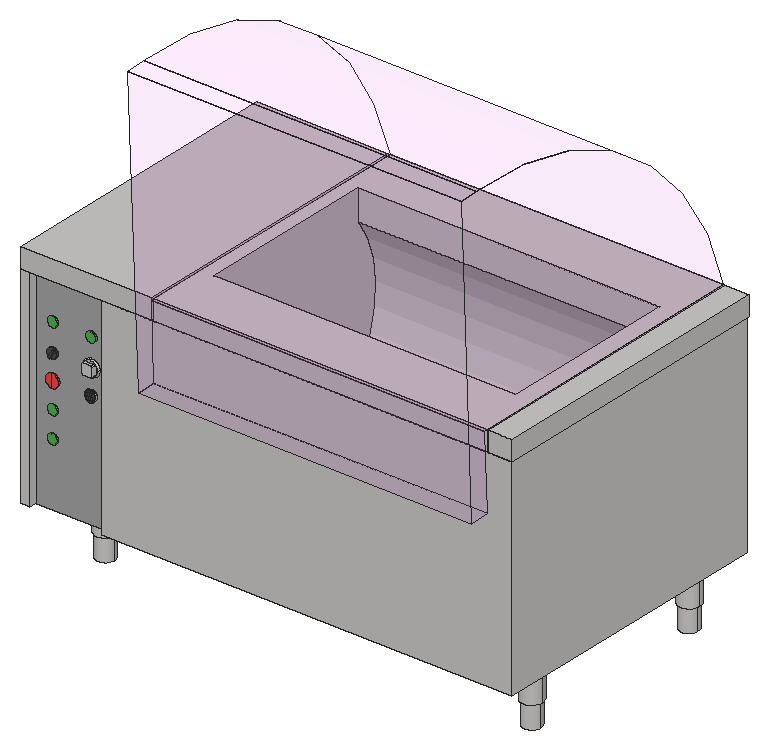
Revit family "QF_ELECTROLUXPROFESSIONAL_660034_LV300R", category Attrezzature speciali, Revit 2020
Family settings
  Quota connettore circolare = Usa diametro
  Tipo di parte = Normale
  Basato su piano di lavoro = No
  Sempre verticale = Sì
  Taglio con vuoti quando caricato = No
  Condiviso = No
  Punto di calcolo locali = No
Parameters (values of type "Standard")
  Weight = 190.00 kg
  Watts = 1200 W
  Volts = 400 V
  URL Manufacturer = "https://www.electroluxprofessional.com/"
  URL = "https://www.electroluxprofessional.com/"
  Steam Supply Size = 0 mm
  Steam Supply Minimum Pressure = 0.0 Pa
  Steam Supply Maximum Pressure = 0.0 Pa
  Steam Consumption per Hour = 0
  Show Clearance [instance] = yes
  Refrigeration Suction Line Size = 0 mm
  Refrigeration Liquid Line Size = 0 mm
  Refrigerant Compressor Remote = yes
  Prospetto di default = 0 mm
  Produttore = "Electrolux Professional"
  Phase = 3
  Modello = "LV300R"
  Length Actual = 1500 mm  # constant formula
  Item Number = "660034"
  Hot Water Size = 0 mm
  Height Actual = 850 mm  # constant formula
  HP = "1.6 HP"
  Gas Size = 0 mm
  Gas KW = 0
  Gas Input Pressure = 0 W
  Direct Waste Size = 50.8 mm
  Descrizione = "TILTING BASKET VEGETABLE WASHER KG 10/40"
  Depth Actual = 900 mm  # constant formula
  Cycle = 50 Hz
  Condensate Return Size = 0 mm
  Compressed Air Volume = 0.0 L/s
  Compressed Air Size = 0 mm
  Compressed Air Pressure = 0.0 Pa
  Cold Water Size = 25.4 mm
  Accessory = yes
Reference planes
  plane 1 "Center (Front/Back)": y = 0
  plane 2: z = 0
  plane 3 "Center (Left/Right)": x = 0
  plane 4: x = 0
  plane 5: z = 200
  plane 6: y = -450
  plane 7: z = 900
  plane 8 "RIGHT": x = 750
  plane 9 "LEFT": x = -750
  plane 10 "FRONT": y = -900
  plane 11: z = 1570
  plane 12: z = 670
  plane 13: y = -1000
  plane 14: x = -455
  plane 15: y = -138
  plane 16: x = -551
  plane 17: y = -389
  plane 18: through (-670, -660, 4198) normal (-0.7071, -0.7071, 0)
  plane 19: through (-670, -640, 4198) normal (0.7071, -0.7071, 0)
Forms (mm)
  Extrusion 1, solid, material "QF_Finishes_Stainless Steel"
    sketch origin (0, 0, 0) x (1, 0, 0) y (0, 1, 0)
      loop
        line (-750, 0) -> (-750, -900) -> (-350, -900) -> (-350, 0) -> (-750, 0)
    from 840 to 900
  Extrusion 2, solid, material "QF_Finishes_Stainless Steel"
    sketch origin (1100, 0, 0) x (1, 0, 0) y (0, 1, 0)
      loop
        line (-425, 0) -> (-425, -900) -> (-350, -900) -> (-350, 0) -> (-425, 0)
    from 840 to 900
  Extrusion 3, solid, material "QF_Finishes_Stainless Steel"
    sketch origin (400, 0, 0) x (1, 0, 0) y (0, 1, 0)
      loop
        line (-1150, -7.289) -> (-1150, -900) -> (-1120, -900) -> (-1120, -865) -> (-900, -865) -> (-900, -900) -> (350, -900) -> (350, -7.289) -> (-1150, -7.289)
    from 200 to 840
  Extrusion 4, void
    sketch origin (400, 0, 0) x (1, 0, 0) y (0, 1, 0)
      loop
        line (-741.5, -20) -> (-741.5, -885) -> (278.5, -885) -> (278.5, -20) -> (-741.5, -20)
    from 215.087 to 840
  Extrusion 5, solid, material "QF_Finishes_Stainless Steel"
    sketch origin (0, 0, 0) x (0, 1, 0) y (0, 0, 1)
      loop
        line (0, 900) -> (-900, 900) -> (-900, 840) -> (-730, 840)
        arc (-730, 840) -> (-450, 249.038) -> (-170, 840) r 361.814
        line (-170, 840) -> (0, 840) -> (0, 900)
    from -341.5 to 675
  Extrusion 6, void
    sketch origin (0, 0, 0) x (0, 1, 0) y (0, 0, 1)
      loop
        line (-176, 809.169) -> (-176, 922) -> (-724, 922) -> (-724, 809.169)
        arc (-724, 809.169) -> (-450, 265.684) -> (-176, 809.169) r 340.811
    from -300 to 620
  Extrusion 7, solid, material "QF_Finishes_Door Clearance", visible <- "Show Clearance"
    sketch origin (0, -100.892, 1606.048) x (0, -0.044534, 0.999008) y (0, -0.999008, -0.044534)
      loop
        line (0, 900) -> (-900, 900) -> (-900, 840) -> (-669.303, 840) -> (-709.841, -69.348)
        arc (-709.841, -69.348) -> (-190.07, 256.643) -> (0, 840) r 900
        line (0, 840) -> (0, 900)
    from -341.5 to 675
  Extrusion 8, solid, material "QF_Finishes_Stainless Steel"
    sketch origin (-82.186, 2.692, 195) x (1, 0, 0) y (0, 1, 0)
      loop
        circle (-372.814, -140.692) r 8
    from 0 to 5
  Extrusion 9, solid, material "QF_Finishes_Stainless Steel"
    sketch origin (-178.186, -248.308, 195) x (1, 0, 0) y (0, 1, 0)
      loop
        circle (-372.814, -140.692) r 8
    from 0 to 5
  Extrusion 10, solid, material "QF_Finishes_Stainless Steel"
    sketch origin (-297.596, -507.286, 198) x (1, 0, 0) y (0, 1, 0)
      loop
        line (-392.404, -132.714) -> (-392.404, -152.714) -> (-372.404, -152.714) -> (-372.404, -132.714) -> (-392.404, -132.714)
    from 0 to 2
  Extrusion 11, solid, material "QF_Finishes_Gray"
    sketch origin (0, 21.25, 0) x (1, 0, 0) y (0, 1, 0)
      loop
        line (-718.75, -888.75) -> (-718.75, -898.75) -> (-503.419, -898.75) -> (-503.419, -888.75) -> (-718.75, -888.75)
    from 200 to 840
Cuts and joins
  Extrusion 4 cuts Extrusion 3
  Extrusion 6 cuts Extrusion 5
Dimensions and locks
  plane 7 to level = 900 mm
  plane 9 "LEFT" to plane 8 "RIGHT" = 1500 mm
  plane 1 "Center (Front/Back)" to plane 10 "FRONT" = 900 mm
  plane 11 to level = 1570 mm
  plane 12 to level = 670 mm
  cut or joined group of Extrusion 3, Extrusion 4 to cut or joined group of Extrusion 3, Extrusion 4 = 1500 mm
  Extrusion 1 to level = 900 mm
  level to plane 5 = 200 mm
  nested 1 to plane 9 "LEFT" = 99.9 mm
  nested 3 to nested 1 = 1300.2 mm
  plane 8 "RIGHT" to nested 3 = 99.9 mm
  plane 10 "FRONT" to plane 13 = 100 mm
  nested 2 to nested 1 = 600 mm
  plane 1 "Center (Front/Back)" to nested 2 = 100 mm
  nested 1 to plane 10 "FRONT" = 200 mm
  aligned and locked: level to plane 2
Nested families
  nested 1: "Piedino H200 - DISHWASHING" at (-650.1, -700, 0), type "Piedino H200 - DISHWASHING"
    with H 200 mm
  nested 2: "Piedino H200 - DISHWASHING" at (-650.1, -100, 0), type "Piedino H200 - DISHWASHING"
    with H 200 mm
  nested 3: "Piedino H200 - DISHWASHING" at (650.1, -700, 0) x (-1, 0, 0) z (0, 0, 1), type "Piedino H200 - DISHWASHING"
    with H 200 mm
  nested 4: "Piedino H200 - DISHWASHING" at (650.1, -100, 0) x (-1, 0, 0) z (0, 0, 1), type "Piedino H200 - DISHWASHING"
    with H 200 mm
  nested 5: "SPIA_GREEN - GRANDE" at (-667.5, -877.5, 715) x (-1, 0, 0) z (0, -1, 0), type "SPIA_GREEN - GRANDE"
  nested 6: "SPIA_GREEN - GRANDE" at (-550, -877.5, 715) x (-1, 0, 0) z (0, -1, 0), type "SPIA_GREEN - GRANDE"
  nested 7: "SPIA_GREEN - GRANDE" at (-667.5, -877.5, 475) x (-1, 0, 0) z (0, -1, 0), type "SPIA_GREEN - GRANDE"
  nested 8: "SPIA_GREEN - GRANDE" at (-667.5, -877.5, 395) x (-1, 0, 0) z (0, -1, 0), type "SPIA_GREEN - GRANDE"
  nested 9: "BOTTONE ROSSO LAVAVERDURE" at (-666.874, -877.5, 554.987) x (-1, 0, 0) z (0, -1, 0), type "BOTTONE ROSSO LAVAVERDURE"
  nested 10: "MANOPOLA NERA" at (-667.5, -877.5, 630) x (-0.8829, 0, 0.4695) z (0, -1, 0), type "MANOPOLA NERA"
  nested 11: "MANOPOLA NERA e ARGENTO" at (-550.506, -877.5, 554.259) x (-0.9455, 0, -0.3256) z (0, -1, 0), type "MANOPOLA NERA e ARGENTO"
  nested 12: "MANOPOLA ARGENTO" at (-550.25, -877.5, 630) x (-1, 0, 0) z (0, -1, 0), type "MANOPOLA ARGENTO"
Connectors
  piping at (-455, -138, 195), diameter 12.7
    settings: on Extrusion 8, index 15, connector inside diameter 609.6 mm, connector length 0 mm, flow factor 0, pipe flow 0.0 L/s, pressure drop 0.0 Pa, fitting loss kfactor 0, connector angle 0.00°, fixture units 0, engagement length 0 mm, angle of deflection 0.00°, flow configuration 0, flow direction 0, fitting loss method 0, system type 29, joint type 0, gender type 0, connector reference index -1, connector utility 0, adjustable connector no, is connector primary yes, connector description "CWI"
  piping at (-551, -389, 195), diameter 12.7
    settings: on Extrusion 9, index 16, connector inside diameter 609.6 mm, connector length 0 mm, flow factor 0, pipe flow 0.0 L/s, pressure drop 0.0 Pa, fitting loss kfactor 0, connector angle 0.00°, fixture units 0, engagement length 0 mm, angle of deflection 0.00°, flow configuration 0, flow direction 0, fitting loss method 0, system type 29, joint type 0, gender type 0, connector reference index -1, connector utility 0, adjustable connector no, is connector primary no, connector description "D"
  electrical at (-680, -650, 198)
    settings: on Extrusion 10, index 21, voltage 0 V, apparent load 0 VA, apparent load phase1 0 VA, apparent load phase2 0 VA, apparent load phase3 0 VA, power factor 1, load classification "Altro", number of poles 1, system type 30, power factor state 1, is connector primary yes, connector utility no, sub classification motor no, connector description "EI"
Definition of nested family "Piedino H200 - DISHWASHING"
  Parameters (values of type "Piedino H200 - DISHWASHING")
    Default Elevation = 0 mm
    H [instance] = 200 mm
  Reference planes
    plane 1 "Centro (Fronte/Retro)": y = 0
    plane 2: z = 0
    plane 3 "Centro (Sinistra/Destra)": x = 0
    plane 4: z = 70.047
  Forms (mm)
    Revolve 1, solid
      sketch origin (55, 0, 0) x (-1, 0, 0) y (0, 0, -1)
        loop
          line (55, 0) -> (27.6, 0) -> (27.6, -70.047) -> (22.6, -70.047) -> (22.6, -200) -> (55, -200) -> (55, 0)
        axis (55, 0) -> (55, -200)
      angle from 0 to 360
  Dimensions and locks
    "H": Revolve 1 to plane 2
    aligned and locked: level to plane 2
  Automatic sketch dimensions
    Revolve 1 sketch curve to plane 4 = 0 mm
    Revolve 1 sketch curve to level = 0 mm
    Revolve 1 sketch curve to plane 3 "Centro (Sinistra/Destra)" = 0 mm  (x2)
    plane 3 "Centro (Sinistra/Destra)" to Revolve 1 sketch curve = 27.4 mm
    Revolve 1 sketch curve to Revolve 1 sketch curve = 5 mm
    Revolve 1 sketch curve to plane 4 = 129.953 mm
    Revolve 1 sketch curve to Revolve 1 sketch curve = 0 mm
    Revolve 1 sketch curve to Revolve 1 sketch curve = 20 mm
Definition of nested family "SPIA_GREEN - GRANDE"
  Parameters
    Default Elevation = 1219.2 mm
  Reference planes
    plane 1 "Centro (Fronte/Retro)": y = 0
    plane 2: z = 0
    plane 3 "Centro (Sinistra/Destra)": x = 0
  Forms (mm)
    Extrusion 1, solid
      sketch origin (0, 0, 0) x (1, 0, 0) y (0, 1, 0)
        loop
          line (-1219.2, 1219.2) -> (-1219.2, -1219.2) -> (1219.2, -1219.2) -> (1219.2, 1219.2) -> (-1219.2, 1219.2)
      from 0 to -304.8
    Extrusion 2, solid
      sketch origin (-367.513, 69.533, 3.175) x (-1, 0, 0) y (0, 1, 0)
        loop
          circle (-367.513, -69.533) r 15
      from 0 to 3.175
  Dimensions and locks
    aligned and locked: plane 2 to Extrusion 1
    aligned and locked: level to Extrusion 1
Definition of nested family "BOTTONE ROSSO LAVAVERDURE"
  Parameters (values of type "BOTTONE ROSSO LAVAVERDURE")
    Default Elevation = 1219.2 mm
  Reference planes
    plane 1 "Centro (Fronte/Retro)": y = 0
    plane 2: z = 0
    plane 3 "Centro (Sinistra/Destra)": x = 0
  Forms (mm)
    Extrusion 1, solid
      sketch origin (0, 0, 0) x (1, 0, 0) y (0, 1, 0)
        loop
          line (-1219.2, 1219.2) -> (-1219.2, -1219.2) -> (1219.2, -1219.2) -> (1219.2, 1219.2) -> (-1219.2, 1219.2)
      from 0 to -304.8
    Revolve 2, solid
      sketch origin (0, 0, 0) x (0, 1, 0) y (0, 0, 1)
        loop
          line (0, 5.035) -> (0, 0) -> (13.434, 0) -> (13.434, 2) -> (20, 2) -> (20, 5.035) -> (0, 5.035)
        axis (0, 0) -> (0, 5.035)
      angle from 0 to 360
  Dimensions and locks
    aligned and locked: plane 2 to Extrusion 1
    aligned and locked: level to Extrusion 1
Definition of nested family "MANOPOLA NERA"
  Parameters (values of type "MANOPOLA NERA")
    Default Elevation = 1219.2 mm
  Reference planes
    plane 1 "Centro (Fronte/Retro)": y = 0
    plane 2: z = 0
    plane 3 "Centro (Sinistra/Destra)": x = 0
  Forms (mm)
    Extrusion 1, solid
      sketch origin (0, 0, 0) x (1, 0, 0) y (0, 1, 0)
        loop
          line (-1219.2, 1219.2) -> (-1219.2, -1219.2) -> (1219.2, -1219.2) -> (1219.2, 1219.2) -> (-1219.2, 1219.2)
      from 0 to -304.8
    Extrusion 2, solid
      sketch origin (0, 0, 0) x (1, 0, 0) y (0, 1, 0)
        loop
          circle (0, 0) r 15
      from 0 to 5.035
    Extrusion 3, solid
      sketch origin (0, 0, 0) x (1, 0, 0) y (0, 1, 0)
        loop
          arc (-2.5, -14.79) -> (0, -15) -> (2.5, -14.79) r 15
          line (2.5, -14.79) -> (2.5, 14.79)
          arc (2.5, 14.79) -> (0, 15) -> (-2.5, 14.79) r 15
          line (-2.5, 14.79) -> (-2.5, -14.79)
      from 5.035 to 9.025
  Dimensions and locks
    aligned and locked: plane 2 to Extrusion 1
    aligned and locked: level to Extrusion 1
Definition of nested family "MANOPOLA NERA e ARGENTO"
  Parameters (values of type "MANOPOLA NERA e ARGENTO")
    Default Elevation = 1219.2 mm
  Reference planes
    plane 1 "Centro (Fronte/Retro)": y = 0
    plane 2: z = 0
    plane 3 "Centro (Sinistra/Destra)": x = 0
  Forms (mm)
    Extrusion 1, solid
      sketch origin (0, 0, 0) x (1, 0, 0) y (0, 1, 0)
        loop
          line (-1219.2, 1219.2) -> (-1219.2, -1219.2) -> (1219.2, -1219.2) -> (1219.2, 1219.2) -> (-1219.2, 1219.2)
      from 0 to -304.8
    Extrusion 2, solid
      sketch origin (0, 0, 0) x (1, 0, 0) y (0, 1, 0)
        loop
          circle (0, 0) r 15
      from 0 to 5.035
    Extrusion 3, solid
      sketch origin (0, 0, 0) x (1, 0, 0) y (0, 1, 0)
        loop
          arc (-2.5, -14.79) -> (0, -15) -> (2.5, -14.79) r 15
          line (2.5, -14.79) -> (2.5, 14.79)
          arc (2.5, 14.79) -> (0, 15) -> (-2.5, 14.79) r 15
          line (-2.5, 14.79) -> (-2.5, -14.79)
      from 5.035 to 9.025
    Extrusion 4, solid
      sketch origin (0, 0, 0) x (1, 0, 0) y (0, 1, 0)
        loop
          circle (0, 0) r 17
        loop
          circle (0, 0) r 15.5
      from 0 to 5.035
  Dimensions and locks
    aligned and locked: plane 2 to Extrusion 1
    aligned and locked: level to Extrusion 1
Definition of nested family "MANOPOLA ARGENTO"
  Parameters (values of type "MANOPOLA ARGENTO")
    Default Elevation = 1219.2 mm
  Reference planes
    plane 1 "Centro (Fronte/Retro)": y = 0
    plane 2: z = 0
    plane 3 "Centro (Sinistra/Destra)": x = 0
  Forms (mm)
    Extrusion 1, solid
      sketch origin (0, 0, 0) x (1, 0, 0) y (0, 1, 0)
        loop
          line (-1219.2, 1219.2) -> (-1219.2, -1219.2) -> (1219.2, -1219.2) -> (1219.2, 1219.2) -> (-1219.2, 1219.2)
      from 0 to -304.8
    SweptBlend 2, solid
      path origin (0, 0, 0) x (0, 1, 0) y (0, 0, 1)
        loop
          line (0, 0) -> (0, 6.013)
      profile origin (0, 0, 0) x (0, -1, 0) y (1, 0, 0)
        loop
          circle (0, 0) r 25
      end profile origin (0, 0, 6.013) x (0, -1, 0) y (1, 0, 0)
        loop
          circle (0, 0) r 23
    Extrusion 3, solid
      sketch origin (0, 0, 0) x (1, 0, 0) y (0, 1, 0)
        loop
          line (-13.08, 15.833) -> (-15.833, 13.08) -> (-15.833, -12.341) -> (-12.341, -15.833) -> (12.341, -15.833) -> (15.833, -12.341) -> (15.833, 12.341) -> (12.341, 15.833) -> (-13.08, 15.833)
      from 6.013 to 18
  Dimensions and locks
    aligned and locked: plane 2 to Extrusion 1
    aligned and locked: level to Extrusion 1
